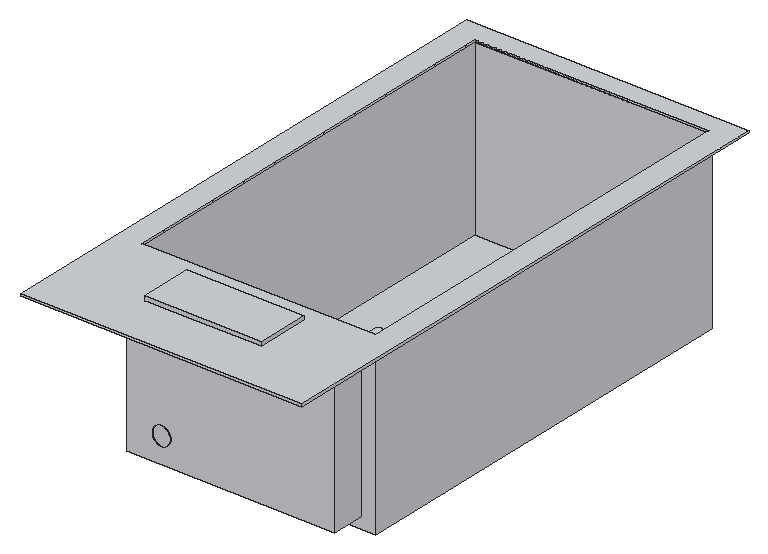
Revit family "61579dd344c145dc804a8f16a597dd36", category Plumbing Fixtures, host Face, Revit 2021
Family settings
  Host = Face
  Round Connector Dimension = Use Radius
  Part Type = Normal
  OmniClass Number = 23.65.70.14.11
  OmniClass Title = Drinking Fountains/Coolers
  Seek Item ID = Drinking Fountain - Recessed-0000-USA-ENU
  Cut with Voids When Loaded = No
  Shared = No
  Room Calculation Point = No
Parameters (values of type "Standard")
  WFU = 0.5
  Thickness = 0' - 0 1/8"
  Sanitary Radius = 5/8"
  Sanitary Diameter = Sanitary Radius * 2  # 1 1/4"
  Half Fountain Width = Fountain Width / 2  # 0' - 9 5/8"
  HWFU = 0
  Fountain Width = 1' - 7 1/4"
  Fountain Length = 1' - 0"
  Fountain Height = 3' - 2 1/4"
  Flow Pressure [instance] = 8.00 psi
  Faucet Material = none
  Drinking Fountain Material = none
  Default Elevation = 3' - 0"
  Cold Water Radius = 3/16"
  Cold Water Diameter = Cold Water Radius * 2  # 3/8"
  CWFU = 0.25
  Button Material = none
Reference planes (in)
  plane 1 "Center (Front/Back)": y = 0
  plane 2: z = 0
  plane 3 "Center (Left/Right)": x = 0
  plane 4: z = -12
  plane 5: z = 0.125
  plane 6: z = 0.375
  plane 7: x = -9.625
  plane 8: x = 9.625
  plane 9: x = -8
  plane 10: x = 8
  plane 11: x = -4
  plane 12: y = -8.375
  plane 13: y = 29.875
  plane 14: y = 28.5
  plane 15: y = -4.75
  plane 16: y = -1.125
  plane 17: y = 2
  plane 18: x = 8.125
  plane 19: y = 28.625
  plane 20: x = -8.125
  plane 21: y = -0.125
  plane 22: z = -11.875
  plane 23: x = -7
  plane 24: x = 7
  plane 25: z = -11.125
  plane 26: z = -9.5
  plane 27: z = -1.25
  plane 28: z = -0.625
  plane 29: z = -1.62119
  plane 30: x = -7.125
  plane 31: z = -1.49619
  plane 32: z = -0.5
  plane 33: x = 7.125
  plane 34: z = -11.25
  plane 35: y = -2.25
  plane 36: y = -2.375
  plane 37: x = -4.75
  plane 38: x = 5.75
  plane 39: x = 5.875
  plane 40: x = 5.75
  plane 41: x = 5.875
  plane 42: x = 6.75
  plane 43: y = -1.25
Forms (in)
  Extrusion 1, solid, material <- "Drinking Fountain Material"
    sketch origin (0, 0, 0) x (1, 0, 0) y (0, 1, 0)
      loop
        line (-8.125, 28.625) -> (-8.125, -0.125) -> (8.125, -0.125) -> (8.125, 28.625) -> (-8.125, 28.625)
      loop
        line (8, 28.5) -> (-8, 28.5) -> (-8, 0) -> (8, 0) -> (8, 28.5)
    from -12 to 0
  Extrusion 2, solid, material <- "Drinking Fountain Material", detail levels fine
    sketch origin (0, 0, 0) x (1, 0, 0) y (0, 1, 0)
      loop
        line (8, 28.5) -> (-8, 28.5) -> (-8, 0) -> (8, 0) -> (8, 28.5)
      loop
        line (-9.625, 29.875) -> (-9.625, -8.375) -> (9.625, -8.375) -> (9.625, 29.875) -> (-9.625, 29.875)
    from 0 to 0.125
  Extrusion 3, solid, material <- "Drinking Fountain Material"
    sketch origin (0, 0, 0) x (1, 0, 0) y (0, 1, 0)
      loop
        line (8, 28.5) -> (-8, 28.5) -> (-8, 0) -> (8, 0) -> (8, 28.5)
    from -12 to -11.875
  Extrusion 4, solid, material <- "Button Material", detail levels fine
    sketch origin (0, 0, 0) x (1, 0, 0) y (0, 1, 0)
      loop
        line (-4, -1.125) -> (-4, -4.75) -> (4, -4.75) -> (4, -1.125) -> (-4, -1.125)
    from 0.125 to 0.375
  Extrusion 5, solid, material <- "Drinking Fountain Material"
    sketch origin (0, 0, 0) x (1, 0, 0) y (0, 0, 1)
      loop
        line (5.875, -1.49619) -> (5.875, -0.5) -> (-7.125, -0.5) -> (-7.125, -11.25) -> (7.125, -11.25) -> (7.125, -1.49619) -> (5.875, -1.49619)
    from 0 to 2.375
  Extrusion 6, void
    sketch origin (0, 0, 0) x (1, 0, 0) y (0, 0, 1)
      loop
        line (-7, -0.625) -> (-7, -11.125) -> (7, -11.125) -> (7, -1.62119) -> (5.75, -1.62119) -> (5.75, -0.625) -> (-7, -0.625)
    from 0 to 2.25
  Extrusion 7, void
    sketch origin (0, 0, 0) x (1, 0, 0) y (0, 0, 1)
      loop
        circle (-4.75, -9.5) r 0.625
    from 2.25 to 2.375
  Extrusion 8, solid, material <- "Faucet Material", detail levels fine
    sketch origin (0, 0, 0) x (-1, 0, 0) y (0, 0, -1)
      loop
        line (-6.39645, 0.89645) -> (-7.10355, 1.60355)
        arc (-7.10355, 1.60355) -> (-7.10355, 0.89645) -> (-6.39645, 0.89645) r 0.5
    from -2 to 0
  Extrusion 9, solid, material <- "Drinking Fountain Material"
    sketch origin (0, 0, 0) x (1, 0, 0) y (0, 0, 1)
      loop
        circle (-4.75, -9.5) r 0.625
    from 2.25 to 2.375
  Extrusion 10, solid, material <- "Drinking Fountain Material"
    sketch origin (0, 0, 0) x (1, 0, 0) y (0, 1, 0)
      loop
        circle (0, -1.25) r 0.1875
    from -11.25 to -11.125
Cuts and joins
  Extrusion 6, Extrusion 7 cuts Extrusion 1
  Extrusion 6, Extrusion 7 cuts Extrusion 5
  joined: Extrusion 1, Extrusion 3, Extrusion 5
Lines and regions (in)
  symbolic lines, detail levels coarse+medium
    curve 1: line (5.75, 0, -1.62119) -> (5.75, 0, -0.625)
    curve 2: line (7, 0, -1.62119) -> (5.75, 0, -1.62119)
    curve 3: line (7, 0, -11.125) -> (7, 0, -1.62119)
    curve 4: line (-7, 0, -11.125) -> (7, 0, -11.125)
    curve 5: line (-7, 0, -0.625) -> (-7, 0, -11.125)
    curve 6: line (5.75, 0, -0.625) -> (-7, 0, -0.625)
    curve 7: line (6.39645, 0, -0.89645) -> (7.10355, 0, -1.60355)
    curve 8: arc (7.10355, 0, -1.60355) -> (7.10355, 0, -0.89645) -> (6.39645, 0, -0.89645) r 0.5
    curve 9: circle (-4.75, 0, -9.5) r 0.625 normal (0, -1, 0)
Dimensions and locks (in)
  "Fountain Length": plane 2 to plane 4
  "Thickness": plane 5 to plane 2
  locked: plane 6 to plane 5 at 0.25
  "Half Fountain Width": plane 7 to plane 3 "Center (Left/Right)"
  "Half Fountain Width": plane 3 "Center (Left/Right)" to plane 8
  locked: plane 7 to plane 9 at 1.625
  locked: plane 10 to plane 8 at 1.625
  locked: plane 11 to plane 3 "Center (Left/Right)" at 4
  "Fountain Height": plane 13 to plane 12
  locked: plane 12 to plane 1 "Center (Front/Back)" at 8.375
  locked: plane 13 to plane 14 at 1.375
  locked: plane 12 to plane 15 at 3.625
  locked: plane 15 to plane 16 at 3.625
  locked: plane 1 "Center (Front/Back)" to plane 17 at 2
  "Thickness": plane 10 to plane 18
  "Thickness": plane 20 to plane 9
  "Thickness": plane 21 to plane 1 "Center (Front/Back)"
  "Thickness": plane 19 to plane 14
  "Thickness": plane 22 to plane 4
  locked: plane 25 to plane 22 at 0.75
  locked: plane 26 to plane 25 at 1.625
  locked: plane 5 to plane 27 at 1.375
  locked: plane 5 to plane 28 at 0.75
  locked: plane 23 to plane 9 at 1
  locked: plane 24 to plane 10 at 1
  locked: plane 28 to plane 29 at 0.99619
  "Thickness": plane 32 to plane 28
  "Thickness": plane 25 to plane 34
  "Thickness": plane 24 to plane 33
  "Thickness": plane 23 to plane 30
  "Thickness": plane 31 to plane 29
  locked: plane 35 to plane 1 "Center (Front/Back)" at 2.25
  "Thickness": plane 36 to plane 35
  locked: plane 37 to plane 23 at 2.25
  "Thickness": plane 40 to plane 41
  locked: plane 40 to plane 24 at 1.25
  locked: plane 42 to plane 10 at 1.25
  locked: plane 36 to plane 43 at 1.125
  radius of Extrusion 7 sketch curve = 0' - 0 5/8"
  radius of Extrusion 9 sketch curve = 0' - 0 5/8"
  "Cold Water Radius": radius of Extrusion 10 sketch curve
  aligned and locked: plane 2 to host face
  aligned and locked: level to host face
  aligned and locked: plane 20 to Extrusion 1 sketch curve  (x2)
  aligned and locked: Extrusion 1 sketch curve to plane 19
  aligned and locked: plane 21 to Extrusion 1 sketch curve  (x2)
  aligned and locked: plane 18 to Extrusion 1 sketch curve  (x2)
  aligned and locked: plane 19 to Extrusion 1 sketch curve
  aligned and locked: plane 9 to Extrusion 1 sketch curve  (x2)
  aligned and locked: plane 14 to Extrusion 1 sketch curve  (x2)
  aligned and locked: plane 10 to Extrusion 1 sketch curve
  aligned and locked: Extrusion 1 sketch curve to plane 10
  aligned and locked: plane 1 "Center (Front/Back)" to Extrusion 1 sketch curve  (x2)
  aligned and locked: plane 1 "Center (Front/Back)" to Extrusion 2 sketch curve
  aligned and locked: Extrusion 2 sketch curve to plane 10
  aligned and locked: Extrusion 2 sketch curve to plane 9
  aligned and locked: plane 14 to Extrusion 2 sketch curve
  aligned and locked: plane 7 to Extrusion 2 sketch curve  (x2)
  aligned and locked: Extrusion 2 sketch curve to plane 13
  aligned and locked: plane 12 to Extrusion 2 sketch curve  (x2)
  aligned and locked: plane 13 to Extrusion 2 sketch curve
  aligned and locked: plane 8 to Extrusion 2 sketch curve  (x2)
  aligned and locked: Extrusion 1 to plane 4
  aligned and locked: plane 2 to Extrusion 1
  aligned and locked: Extrusion 2 to plane 2
  aligned and locked: Extrusion 3 to plane 4
  aligned and locked: plane 22 to Extrusion 3
  aligned and locked: plane 14 to Extrusion 3 sketch curve
  aligned and locked: Extrusion 3 sketch curve to plane 9
  aligned and locked: Extrusion 3 sketch curve to plane 10
  aligned and locked: plane 1 "Center (Front/Back)" to Extrusion 3 sketch curve
  aligned and locked: plane 11 to Extrusion 4 sketch curve
  aligned and locked: Extrusion 4 sketch curve to plane 15
  aligned and locked: plane 16 to Extrusion 4 sketch curve
  aligned and locked: Extrusion 4 to plane 5
  aligned and locked: plane 6 to Extrusion 4
  aligned and locked: plane 5 to Extrusion 2
  aligned and locked: plane 30 to Extrusion 5 sketch curve
  aligned and locked: plane 34 to Extrusion 5 sketch curve
  aligned and locked: Extrusion 5 sketch curve to plane 33
  aligned and locked: Extrusion 5 to plane 1 "Center (Front/Back)"
  aligned and locked: plane 36 to Extrusion 5
  aligned and locked: Extrusion 6 sketch curve to plane 28
  aligned and locked: plane 23 to Extrusion 6 sketch curve
  aligned and locked: plane 25 to Extrusion 6 sketch curve
  aligned and locked: plane 24 to Extrusion 6 sketch curve
  aligned and locked: plane 35 to Extrusion 6
  aligned and locked: plane 26 to Extrusion 7 sketch curve
  aligned and locked: plane 37 to Extrusion 7 sketch curve
  aligned and locked: plane 42 to Extrusion 8 sketch curve
  aligned and locked: plane 27 to Extrusion 8 sketch curve
  aligned and locked: Extrusion 5 sketch curve to plane 41
  aligned and locked: Extrusion 5 sketch curve to plane 32
  aligned and locked: Extrusion 5 sketch curve to plane 31
  aligned and locked: Extrusion 6 sketch curve to plane 29
  aligned and locked: plane 40 to Extrusion 6 sketch curve
  aligned and locked: plane 17 to Extrusion 8
  aligned and locked: plane 1 "Center (Front/Back)" to Extrusion 8
  aligned and locked: Extrusion 7 to plane 35
  aligned and locked: plane 36 to Extrusion 7
  aligned and locked: plane 37 to Extrusion 9 sketch curve
  aligned and locked: plane 26 to Extrusion 9 sketch curve
  aligned and locked: Extrusion 9 to plane 35
  aligned and locked: plane 36 to Extrusion 9
  aligned and locked: curve 6 to plane 28
  aligned and locked: plane 40 to curve 1
  aligned and locked: curve 2 to plane 29
  aligned and locked: plane 24 to curve 3
  aligned and locked: plane 25 to curve 4
  aligned and locked: plane 23 to curve 5
  aligned and locked: curve 7 to Extrusion 8
  aligned and locked: curve 8 to Extrusion 8
  aligned and locked: curve 9 to Extrusion 9
  aligned and locked: plane 43 to Extrusion 10 sketch curve
  aligned and locked: plane 3 "Center (Left/Right)" to Extrusion 10 sketch curve
  aligned and locked: plane 25 to Extrusion 10
  aligned and locked: Extrusion 10 to plane 34
Automatic sketch dimensions
  plane 38 to Extrusion 4 sketch curve = 0' - 1 3/4"
  plane 33 to Extrusion 8 sketch curve = 0' - 0.02145"
  Extrusion 8 sketch curve to plane 42 = 0' - 0.35355"
  Extrusion 8 sketch curve to plane 29 = 0' - 0.01764"
  host sketch curve to host sketch curve = 8' - 0"  (x2)
Connectors (in)
  piping at (0, -1.25, -11.25), diameter 0.375, driven by "Cold Water Radius", driven by "Flow Pressure", driven by "CWFU"
    settings: on Extrusion 10, index 1, connector inside diameter 3/8", connector length 0' - 0", flow factor 0, pipe flow 0 GPM, pressure drop 8.00 psi, fitting loss kfactor 0, connector angle 0.00°, fixture units 0.25, engagement length 0' - 0", angle of deflection 0.00°, flow configuration 3, flow direction 1, fitting loss method 4, system type 20, joint type 0, gender type 0, connector reference index -1, connector utility 0, adjustable connector no, is connector primary yes, connector description "In"
  piping at (-4.75, -2.375, -9.5), diameter 1.25, driven by "WFU", driven by "Sanitary Radius"
    settings: on cut or joined group of Extrusion 1, Extrusion 3, Extrusion 5, Extrusion 6, Extrusion 7, index 2, connector inside diameter 1 1/4", connector length 0' - 0", flow factor 0, pipe flow 0 GPM, pressure drop 0.00 psi, fitting loss kfactor 0, connector angle 0.00°, fixture units 0.5, engagement length 0' - 0", angle of deflection 0.00°, flow configuration 3, flow direction 2, fitting loss method 0, system type 16, joint type 0, gender type 0, connector reference index -1, connector utility 0, adjustable connector no, is connector primary no, connector description "Out"
